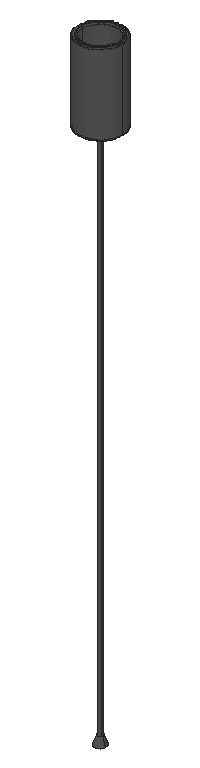
Revit family "CARLO CYLINDER LIGHT Pendant_ Surface", category Lighting Fixtures, host Face, Revit 2020 (continued)
Types (13): name | Wattage_Input | Wattage Comments | Wattage | built-in parameter 1150134 | Size 08 | Size 04 | Photometric Web File | built-in parameter 1150142 | Model | built-in parameter 1150105 | Lumens | built-in parameter 1150107 | built-in parameter 1150106 | Fixture Height | Fixture Diameter | BEAMING ANGLE | Apparent Load
    5 9.3677 9.3879 9.4041 9.4245 9.457 9.5014 9.5459 9.5865 9.6389 \r\n 9.6912 \r\n3342.6 3325.3 3293.1 3241.2 3178.7 3103.8 3019.5 2925.1 2823.7 2712.3 \r\n 2584 2443.6 2288.2 2126.3 1959.1 1795.4 1632.3 1474.3 1326.4 1183.7 \r\n 1070.6 957.13 859.95 783.54 724.13 677.83 645.7 621.41 601.71 586.82 \r\n 575.22 560.02 547.14 535.69 521.27 494.74 455.44 406.75 354.36 298.87 \r\n 240.24 187.5 137.03 96.798 56.656 36.464 29.388 24.304 20.72 19.28 \r\n 18.108 16.831 15.544 14.338 13.298 12.263 11.167 10.188 9.0975 8.2192 \r\n 7.2579 6.383 5.5667 4.7831 4.1445 3.447 2.934 2.4145 2.0077 1.7025 \r\n 1.4505 1.2713 1.1374 1.0276 0.94216 0.87301 0.81206 0.77934 0.77503 0.77097 \r\n 0.77094 0.72665 0.59743 0.50808 0.25003 0.16311 0.09396 0.0048587 0.000035 0 \r\n 0 0 0 0 0 0 0 0 0 0 \r\n 0 0 0 0 0.012081 0.040368 0.060665 0.088994 0.12946 0.15799 \r\n 0.19846 0.23905 0.28366 0.33635 0.38509 0.44587 0.49869 0.56336 0.62428 0.6932 \r\n 0.77023 0.84735 0.93653 1.0218 1.1271 1.2327 1.3382 1.4719 1.6055 1.7555 \r\n 1.9177 2.0921 2.2706 2.4613 2.6722 2.8872 3.1064 3.3416 3.581 3.8245 \r\n 4.0754 4.3311 4.5948 4.8626 5.1265 5.3943 5.6541 5.9179 6.1857 6.4375 \r\n 6.6891 6.94 7.1756 7.3949 7.606 7.809 8.0079 8.1947 8.3653 8.5358 \r\n 8.6861 8.8242 8.9498 9.0515 9.1369 9.21 9.271 9.2957 9.32 9.3323 \r\n 9.3405 9.3486 9.3487 9.3607 9.3729 9.4052 9.4336 9.4861 9.551 9.6038 \r\n 9.6912 \r\n3342.6 3324.7 3290.1 3242.4 3182.2 3107.4 3022.9 2927.5 2827.7 2714.7 \r\n 2588.7 2447.9 2293.3 2128.6 1962.1 1796.1 1633.6 1474.5 1324 1188.4 \r\n 1070.9 953.71 858.56 782.08 722.33 677.13 646.53 622.34 603.05 590.08 \r\n 579.05 564.19 549.67 538.16 522.66 496.27 456.25 408.29 354.36 301.17 \r\n 245.57 192.48 141.54 100.46 59.505 37.195 30.527 25.35 21.371 19.418 \r\n 18.291 17.077 15.698 14.464 13.388 12.411 11.276 10.232 9.1618 8.2667 \r\n 7.3423 6.455 5.6435 4.8057 4.1697 3.4778 2.9447 2.4174 1.9952 1.6637 \r\n 1.4149 1.2488 1.115 1.0084 0.91383 0.85438 0.79924 0.77527 0.775 0.77111 \r\n 0.77106 0.70488 0.58347 0.4929 0.24311 0.15448 0.087348 0.0010145 0 0 \r\n 0 0 0 0 0 0 0 0 0 0 \r\n 0 0 0 0.0038924 0.031188 0.054838 0.082269 0.11758 0.153 0.19619 \r\n 0.23947 0.28276 0.33771 0.39669 0.44793 0.50687 0.5659 0.62865 0.69937 0.7702 \r\n 0.84881 0.93917 1.0258 1.1318 1.2303 1.3481 1.4739 1.6154 1.7645 1.9295 \r\n 2.1026 2.2874 2.4801 2.6846 2.9125 3.1369 3.365 3.6127 3.8606 4.1202 \r\n 4.3715 4.6388 4.8986 5.1661 5.422 5.6817 5.957 6.213 6.4687 6.7167 \r\n 6.949 7.1845 7.4089 7.6176 7.8223 8.0036 8.1846 8.3539 8.5115 8.6611 \r\n 8.8028 8.925 9.0311 9.1218 9.1968 9.2521 9.2878 9.3193 9.3274 9.3392 \r\n 9.3393 9.3471 9.3511 9.3666 9.3902 9.4254 9.457 9.504 9.5629 9.6452 \r\n 9.6912 \r\n3342.6 3330.6 3304.8 3261.3 3208.7 3144.2 3064 2974 2876.7 2771.5 \r\n 2646.8 2521.9 2372.5 2216 2052 1880.1 1715.8 1551.8 1398.4 1256.5 \r\n 1120.9 1000.1 897.71 812.44 745.28 692.34 655.68 631.12 610.8 595.91 \r\n 585.28 574.66 557.77 544.51 531.09 511.74 475.39 428.28 378.72 327.94 \r\n 274.38 221.51 168.65 118.37 76.075 44.692 31.41 27.309 23.11 20.337 \r\n 19.215 18.103 16.79 15.458 14.23 13.241 12.076 11.049 10.014 8.917 \r\n 8.0392 7.0179 6.1927 5.3338 4.6417 3.9518 3.2867 2.7672 2.2489 1.8725 \r\n 1.5444 1.3308 1.1803 1.0537 0.95875 0.88363 0.81249 0.77314 0.77311 0.76911 \r\n 0.76118 0.75178 0.57836 0.52163 0.33524 0.15001 0.082656 0 0 0 \r\n 0 0 0 0 0 0 0 0 0 0.000030 \r\n 0.0039963 0.0080594 0.023923 0.03982 0.059684 0.083552 0.11528 0.14704 0.18277 0.22235 \r\n 0.26601 0.31356 0.35728 0.41274 0.46043 0.51995 0.58337 0.64293 0.71039 0.78185 \r\n 0.86092 0.93639 1.0276 1.1229 1.226 1.3293 1.4562 1.5873 1.7341 1.8927 \r\n 2.0516 2.2341 2.424 2.6264 2.8406 3.0666 3.2849 3.5268 3.7688 4.0187 \r\n 4.2726 4.5343 4.7922 5.0611 5.3267 5.5807 5.8542 6.116 6.3777 6.6393 \r\n 6.8851 7.123 7.3529 7.5709 7.7764 7.9668 8.157 8.3314 8.494 8.6524 \r\n 8.7913 8.9378 9.0527 9.1595 9.2427 9.3177 9.3652 9.4007 9.4166 9.4324 \r\n 9.4363 9.4404 9.4523 9.4644 9.5001 9.5358 9.5796 9.635 9.6946 9.7735 \r\n 9.6912 \r\n3342.6 3335.2 3313.5 3278.7 3233.1 3173.8 3101.3 3014.1 2916.9 2814.9 \r\n 2700.7 2569.4 2428.5 2274.9 2114.9 1949 1783.8 1618.6 1459.6 1310.9 \r\n 1173 1057.3 941.92 848.22 773.83 714.82 671.92 641.3 620.29 604.67 \r\n 592.52 582.29 569.33 551.15 536.95 519.78 488.49 448.07 400.16 349.46 \r\n 293.68 243.1 189.98 139.95 99.717 59.596 36.066 29.096 24.575 21.227 \r\n 19.716 18.444 17.191 15.973 14.705 13.637 12.591 11.443 10.44 9.3551 \r\n 8.4711 7.5048 6.6336 5.7755 4.9569 4.2335 3.5467 2.9786 2.4554 2.0273 \r\n 1.6595 1.4188 1.2273 1.0988 0.98682 0.89873 0.83065 0.76281 0.71469 0.71021 \r\n 0.69833 0.6982 0.65081 0.55578 0.45213 0.2262 0.14458 0.052942 0.00059529 0 \r\n 0 0 0 0 0 0 0 0 0 0 \r\n 0 0 0 0 0.0078971 0.035626 0.059545 0.09137 0.12724 0.1671 \r\n 0.21095 0.24695 0.29471 0.34654 0.39842 0.46214 0.51415 0.5777 0.64155 0.71329 \r\n 0.78512 0.86484 0.95254 1.0364 1.1439 1.2437 1.3632 1.4948 1.638 1.7856 \r\n 1.9529 2.1245 2.3118 2.5073 2.7186 2.9341 3.1614 3.3849 3.6281 3.8716 \r\n 4.1183 4.3775 4.633 4.9002 5.1676 5.4192 5.6903 5.9538 6.2132 6.4647 \r\n 6.7161 6.9511 7.1866 7.4141 7.6179 7.8136 8.0012 8.1809 8.3486 8.5123 \r\n 8.6601 8.7999 8.9195 9.0274 9.1154 9.1914 9.2475 9.2876 9.3196 9.3357 \r\n 9.3478 9.3637 9.3757 9.3916 9.4194 9.4591 9.4951 9.5389 9.5946 9.6702 \r\n 9.6912 \r\n3342.6 3338.9 3325.7 3300 3260.8 3212 3146.9 3067.8 2980.2 2881.3 \r\n 2776.2 2652.1 2527.9 2387.1 2233.6 2068.1 1904.3 1734.6 1571.9 1417.3 \r\n 1267.1 1130.1 1010 906.83 821 750.07 696.79 659.04 632.5 612.54 \r\n 598.81 586.71 577.19 560.49 545.14 529.81 505.9 471.58 427.79 379.1 \r\n 327.36 274.35 222.25 170.2 123.47 81.914 50.454 33.803 28.44 23.429 \r\n 20.773 19.48 18.304 16.994 15.739 14.494 13.408 12.25 11.165 10.122 \r\n 9.0225 8.1676 7.1756 6.3656 5.4994 4.7783 4.0851 3.4051 2.868 2.3202 \r\n 1.92 1.5764 1.3446 1.1805 1.0407 0.94088 0.85676 0.77667 0.7048 0.66499 \r\n 0.65704 0.65708 0.66 0.54423 0.47557 0.35053 0.14382 0.087478 0 0 \r\n 0 0 0 0 0 0 0 0 0 0 \r\n 0 0.000098 0.012053 0.016234 0.040242 0.060316 0.084397 0.11253 0.14855 0.18058 \r\n 0.22072 0.26871 0.30491 0.35704 0.4131 0.4652 0.5174 0.58152 0.64564 0.70987 \r\n 0.78575 0.85393 0.9302 1.0224 1.1187 1.2268 1.3271 1.4435 1.5798 1.7203 \r\n 1.8806 2.041 2.221 2.4134 2.6098 2.8182 3.0308 3.2672 3.4997 3.7403 \r\n 3.9927 4.2413 4.5057 4.7616 5.03 5.2945 5.555 5.8195 6.0839 6.3404 \r\n 6.5968 6.8451 7.0855 7.3138 7.5375 7.7418 7.9341 8.1264 8.3066 8.4749 \r\n 8.643 8.7912 8.9233 9.0473 9.1474 9.2392 9.3112 9.3672 9.4032 9.4392 \r\n 9.4672 9.4912 9.5032 9.5155 9.5515 9.5835 9.6157 9.6598 9.7199 9.7835 \r\n 9.6912 \r\n3342.6 3342.4 3330.1 3310.2 3279.5 3234.1 3176.6 3105.1 3022 2929.7 \r\n 2829.3 2719.4 2596.2 2455.9 2307.9 2148.4 1979.2 1809.9 1643.4 1484 \r\n 1330.6 1187.2 1068.7 950.48 854.87 774.83 713.41 669.5 639.18 616.72 \r\n 602.22 588.43 578.93 566.84 549.04 534.17 516.83 484.77 445.35 396.19 \r\n 345.88 292.95 240.13 186.35 139.01 98.265 57.591 35.791 29.465 24.645 \r\n 21.075 19.458 18.279 17.041 15.759 14.536 13.448 12.438 11.27 10.31 \r\n 9.2178 8.3254 7.397 6.5236 5.7384 4.9224 4.2452 3.5577 3.0211 2.4903 \r\n 2.0748 1.7322 1.4628 1.2887 1.1396 1.0305 0.93387 0.85722 0.78479 0.72831 \r\n 0.71179 0.6957 0.69156 0.64785 0.56391 0.47152 0.21616 0.14554 0.06525 0.0007226 \r\n 0 0 0 0 0 0 0 0 0 0 \r\n 0 0 0 0 0 0.0079599 0.027891 0.055939 0.088061 0.12023 \r\n 0.16035 0.20454 0.25275 0.29305 0.34122 0.39744 0.45772 0.50994 0.57015 0.63842 \r\n 0.70281 0.77907 0.86343 0.94788 1.0363 1.1367 1.2452 1.3538 1.4819 1.6225 \r\n 1.7712 1.9279 2.1086 2.2935 2.4905 2.6915 2.9045 3.1335 3.3628 3.6119 \r\n 3.8486 4.1057 4.3591 4.6244 4.8898 5.1473 5.4086 5.678 5.9434 6.1969 \r\n 6.4542 6.7069 6.9523 7.1897 7.4071 7.6163 7.8214 8.0146 8.1997 8.3727 \r\n 8.5496 8.7027 8.8471 8.976 9.0888 9.1935 9.2782 9.3348 9.3792 9.4155 \r\n 9.4477 9.46 9.48 9.4802 9.504 9.5242 9.5443 9.5803 9.6363 9.7165 \r\n 9.6912 \r\n" | "CCL4-12-20SPSW8-40-PSM-BK" | 1943.7 (stored number, unit not read) | 1700 lm | 2700 (stored number, unit not read) | 19.437 (stored number, unit not read) | 1' - 0" | 0' - 4" | 40.00° | 20 VA
